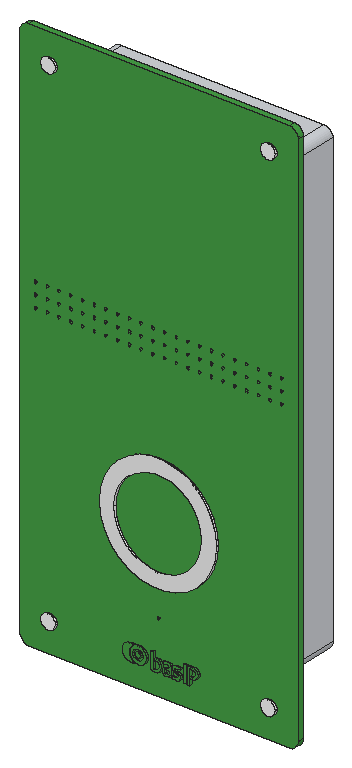
Revit family "BAS-IP_Вызывная панель_AV-04AFDI", category Устройства связи, Revit 2019
Family settings
  Сохранять ориентацию аннотаций = Нет
  Размер круглого соединителя = Использовать диаметр
  Тип детали = Нормальный
  На основе рабочей плоскости = Нет
  Всегда вертикально = Да
  При загрузке вырезать с полостями = Нет
  Общий = Нет
  Точка расчета площади = Нет
Parameters (values of type "Зеленый")
  Цветовое решение = "Зеленый"
  УГО_Смещение_Y [instance] = 0 mm
  УГО_Смещение_X [instance] = 0 mm
  Тип установки = "Скрытого монтажа"
  Тип панели = "Индивидуальная"
  Температурный режим = "-40 – +65 °С"
  Размер самой панели = "95 x 190 x 27 мм"
  Размер под установку = "85 × 180 × 45 мм"
  Потребление питания = "6,5 Вт, в режиме ожидания - 3,6 Вт"
  Питание = "IEEE 803.2af PoE, +12 В постоянного тока"
  Корпус = "Алюминий"
  Класс степени защиты = "IP65"
  Изготовитель = "BAS-IP"  # constant formula
  Зона обслуживания [instance] = no
  Дисплей = "Нет"
  IK-код = "IK08"
  ADSK_Размер_Смещение от уровня [instance] = 1000 mm
  ADSK_Примечание [instance] = ""
  ADSK_Позиция [instance] = ""
  ADSK_Наименование = "Индивидуальная панель с возможностью подключения индукционной петли"
  ADSK_Материал = Green silver
  ADSK_Марка = "AV-04AFDI Green"
  ADSK_Количество = 1  # constant formula
  ADSK_Код изделия = ""
  ADSK_Завод-изготовитель = "BAS-IP"  # constant formula
  ADSK_Единица измерения = "шт."  # constant formula
Types (3, lengths in mm): name | Цветовое решение | ADSK_Материал | ADSK_Марка
  Серебристый | "Серебристый" | Silver | "AV-04AFDI Silver"
  Красный | "Красный" | Red silver | "AV-04AFDI Red"
  Зеленый | "Зеленый" | Green silver | "AV-04AFDI Green"
Reference planes
  plane 1 "По центру (Вперед/Назад)": y = 0
  plane 2: z = 0
  plane 3 "По центру (Влево/Вправо)": x = 0
  plane 4: z = 1000
  plane 5: z = 0
  plane 6: y = 0
  plane 7: x = 0
Forms (mm)
  Extrusion 1, solid, material "Green silver" <- "ADSK_Материал", detail levels medium+fine
    sketch origin (0, 0, 1000) x (1, 0, 0) y (0, 0, 1)
      loop
        line (-44.5, 0) -> (44.5, 0)
        arc (44.5, 0) -> (46.621, 0.879) -> (47.5, 3) r 3
        line (47.5, 3) -> (47.5, 187)
        arc (47.5, 187) -> (46.621, 189.121) -> (44.5, 190) r 3
        line (44.5, 190) -> (-44.5, 190)
        arc (-44.5, 190) -> (-46.621, 189.121) -> (-47.5, 187) r 3
        line (-47.5, 187) -> (-47.5, 3)
        arc (-47.5, 3) -> (-46.621, 0.879) -> (-44.5, 0) r 3
    from 0 to 2
  Extrusion 2, solid, detail levels medium+fine
    sketch origin (0, 0, 1000) x (1, 0, 0) y (0, 0, 1)
      loop
        arc (-34.5, 175) -> (-36.621, 174.121) -> (-37.5, 172) r 3
        line (-37.5, 172) -> (-37.5, 18)
        arc (-37.5, 18) -> (-36.621, 15.879) -> (-34.5, 15) r 3
        line (-34.5, 15) -> (34.5, 15)
        arc (34.5, 15) -> (36.621, 15.879) -> (37.5, 18) r 3
        line (37.5, 18) -> (37.5, 172)
        arc (37.5, 172) -> (36.621, 174.121) -> (34.5, 175) r 3
        line (34.5, 175) -> (-34.5, 175)
    from -25 to 0
  Extrusion 3, void
    sketch origin (0, 0, 1006.875) x (1, 0, 0) y (0, 0, 1)
      loop
        circle (0, 17.16) r 0.5
    from 1 to 2
  Extrusion 4, void
    sketch origin (0, 0, 1001.562) x (1, 0, 0) y (0, 0, 1)
      loop
        circle (-2, 110.476) r 0.5
      loop
        circle (-6, 110.476) r 0.5
      loop
        circle (-10, 110.476) r 0.5
      loop
        circle (2, 110.476) r 0.5
      loop
        circle (6, 110.476) r 0.5
      loop
        circle (10, 110.476) r 0.5
      loop
        circle (-2, 106.476) r 0.5
      loop
        circle (-6, 106.476) r 0.5
      loop
        circle (-10, 106.476) r 0.5
      loop
        circle (2, 106.476) r 0.5
      loop
        circle (6, 106.476) r 0.5
      loop
        circle (10, 106.476) r 0.5
      loop
        circle (-2, 102.476) r 0.5
      loop
        circle (-6, 102.476) r 0.5
      loop
        circle (-10, 102.476) r 0.5
      loop
        circle (2, 102.476) r 0.5
      loop
        circle (6, 102.476) r 0.5
      loop
        circle (10, 102.476) r 0.5
    from 0 to 2
  Extrusion 5, void
    sketch origin (-23.971, 0, 1001.562) x (1, 0, 0) y (0, 0, 1)
      loop
        circle (-2, 110.476) r 0.5
      loop
        circle (-6, 110.476) r 0.5
      loop
        circle (-10, 110.476) r 0.5
      loop
        circle (2, 110.476) r 0.5
      loop
        circle (6, 110.476) r 0.5
      loop
        circle (10, 110.476) r 0.5
      loop
        circle (-2, 106.476) r 0.5
      loop
        circle (-6, 106.476) r 0.5
      loop
        circle (-10, 106.476) r 0.5
      loop
        circle (2, 106.476) r 0.5
      loop
        circle (6, 106.476) r 0.5
      loop
        circle (10, 106.476) r 0.5
      loop
        circle (-2, 102.476) r 0.5
      loop
        circle (-6, 102.476) r 0.5
      loop
        circle (-10, 102.476) r 0.5
      loop
        circle (2, 102.476) r 0.5
      loop
        circle (6, 102.476) r 0.5
      loop
        circle (10, 102.476) r 0.5
      loop
        circle (-14, 110.476) r 0.5
      loop
        circle (-14, 106.476) r 0.5
      loop
        circle (-14, 102.476) r 0.5
      loop
        circle (-18, 110.476) r 0.5
      loop
        circle (-18, 106.476) r 0.5
      loop
        circle (-18, 102.476) r 0.5
      loop
        circle (49.941, 110.476) r 0.5
      loop
        circle (53.941, 110.476) r 0.5
      loop
        circle (57.941, 110.476) r 0.5
      loop
        circle (45.941, 110.476) r 0.5
      loop
        circle (41.941, 110.476) r 0.5
      loop
        circle (37.941, 110.476) r 0.5
      loop
        circle (49.941, 106.476) r 0.5
      loop
        circle (53.941, 106.476) r 0.5
      loop
        circle (57.941, 106.476) r 0.5
      loop
        circle (45.941, 106.476) r 0.5
      loop
        circle (41.941, 106.476) r 0.5
      loop
        circle (37.941, 106.476) r 0.5
      loop
        circle (49.941, 102.476) r 0.5
      loop
        circle (53.941, 102.476) r 0.5
      loop
        circle (57.941, 102.476) r 0.5
      loop
        circle (45.941, 102.476) r 0.5
      loop
        circle (41.941, 102.476) r 0.5
      loop
        circle (37.941, 102.476) r 0.5
      loop
        circle (61.941, 110.476) r 0.5
      loop
        circle (61.941, 106.476) r 0.5
      loop
        circle (61.941, 102.476) r 0.5
      loop
        circle (65.941, 110.476) r 0.5
      loop
        circle (65.941, 106.476) r 0.5
      loop
        circle (65.941, 102.476) r 0.5
    from 1 to 2
  Extrusion 6, solid, material "White", detail levels fine
    sketch origin (0, 0.5, 1008.125) x (1, 0, 0) y (0, 0, 1)
      loop
        circle (0, 45.001) r 20
      loop
        circle (0, 45.001) r 15
    from 2 to 3
  Extrusion 7, solid, material "Gray silver", detail levels fine
    sketch origin (0, 0, 1000) x (1, 0, 0) y (0, 0, 1)
      loop
        circle (-37.5, 180) r 2.5
      loop
        circle (37.5, 180) r 2.5
      loop
        circle (-37.5, 10) r 2.5
      loop
        circle (37.5, 10) r 2.5
    from 0 to 2.5
  Extrusion 8, solid, material "Green silver" <- "ADSK_Материал", not visible, detail levels medium+fine
    sketch origin (0, 0, 0) x (1, 0, 0) y (0, 0, 1)
      loop
        line (-44.5, 0) -> (44.5, 0)
        arc (44.5, 0) -> (46.621, 0.879) -> (47.5, 3) r 3
        line (47.5, 3) -> (47.5, 187)
        arc (47.5, 187) -> (46.621, 189.121) -> (44.5, 190) r 3
        line (44.5, 190) -> (-44.5, 190)
        arc (-44.5, 190) -> (-46.621, 189.121) -> (-47.5, 187) r 3
        line (-47.5, 187) -> (-47.5, 3)
        arc (-47.5, 3) -> (-46.621, 0.879) -> (-44.5, 0) r 3
    from 0 to 2
  Extrusion 9, solid, not visible, detail levels medium+fine
    sketch origin (0, 0, 0) x (1, 0, 0) y (0, 0, 1)
      loop
        arc (-34.5, 175) -> (-36.621, 174.121) -> (-37.5, 172) r 3
        line (-37.5, 172) -> (-37.5, 18)
        arc (-37.5, 18) -> (-36.621, 15.879) -> (-34.5, 15) r 3
        line (-34.5, 15) -> (34.5, 15)
        arc (34.5, 15) -> (36.621, 15.879) -> (37.5, 18) r 3
        line (37.5, 18) -> (37.5, 172)
        arc (37.5, 172) -> (36.621, 174.121) -> (34.5, 175) r 3
        line (34.5, 175) -> (-34.5, 175)
    from -25 to 0
  Extrusion 10, void, not visible
    sketch origin (0, 0, 6.875) x (1, 0, 0) y (0, 0, 1)
      loop
        circle (0, 17.16) r 0.5
    from 1 to 2
  Extrusion 11, void, not visible
    sketch origin (0, 0, 1.563) x (1, 0, 0) y (0, 0, 1)
      loop
        circle (-2, 110.476) r 0.5
      loop
        circle (-6, 110.476) r 0.5
      loop
        circle (-10, 110.476) r 0.5
      loop
        circle (2, 110.476) r 0.5
      loop
        circle (6, 110.476) r 0.5
      loop
        circle (10, 110.476) r 0.5
      loop
        circle (-2, 106.476) r 0.5
      loop
        circle (-6, 106.476) r 0.5
      loop
        circle (-10, 106.476) r 0.5
      loop
        circle (2, 106.476) r 0.5
      loop
        circle (6, 106.476) r 0.5
      loop
        circle (10, 106.476) r 0.5
      loop
        circle (-2, 102.476) r 0.5
      loop
        circle (-6, 102.476) r 0.5
      loop
        circle (-10, 102.476) r 0.5
      loop
        circle (2, 102.476) r 0.5
      loop
        circle (6, 102.476) r 0.5
      loop
        circle (10, 102.476) r 0.5
    from 0 to 2
  Extrusion 12, void, not visible
    sketch origin (-23.971, 0, 1.563) x (1, 0, 0) y (0, 0, 1)
      loop
        circle (-2, 110.476) r 0.5
      loop
        circle (-6, 110.476) r 0.5
      loop
        circle (-10, 110.476) r 0.5
      loop
        circle (2, 110.476) r 0.5
      loop
        circle (6, 110.476) r 0.5
      loop
        circle (10, 110.476) r 0.5
      loop
        circle (-2, 106.476) r 0.5
      loop
        circle (-6, 106.476) r 0.5
      loop
        circle (-10, 106.476) r 0.5
      loop
        circle (2, 106.476) r 0.5
      loop
        circle (6, 106.476) r 0.5
      loop
        circle (10, 106.476) r 0.5
      loop
        circle (-2, 102.476) r 0.5
      loop
        circle (-6, 102.476) r 0.5
      loop
        circle (-10, 102.476) r 0.5
      loop
        circle (2, 102.476) r 0.5
      loop
        circle (6, 102.476) r 0.5
      loop
        circle (10, 102.476) r 0.5
      loop
        circle (-14, 110.476) r 0.5
      loop
        circle (-14, 106.476) r 0.5
      loop
        circle (-14, 102.476) r 0.5
      loop
        circle (-18, 110.476) r 0.5
      loop
        circle (-18, 106.476) r 0.5
      loop
        circle (-18, 102.476) r 0.5
      loop
        circle (49.941, 110.476) r 0.5
      loop
        circle (53.941, 110.476) r 0.5
      loop
        circle (57.941, 110.476) r 0.5
      loop
        circle (45.941, 110.476) r 0.5
      loop
        circle (41.941, 110.476) r 0.5
      loop
        circle (37.941, 110.476) r 0.5
      loop
        circle (49.941, 106.476) r 0.5
      loop
        circle (53.941, 106.476) r 0.5
      loop
        circle (57.941, 106.476) r 0.5
      loop
        circle (45.941, 106.476) r 0.5
      loop
        circle (41.941, 106.476) r 0.5
      loop
        circle (37.941, 106.476) r 0.5
      loop
        circle (49.941, 102.476) r 0.5
      loop
        circle (53.941, 102.476) r 0.5
      loop
        circle (57.941, 102.476) r 0.5
      loop
        circle (45.941, 102.476) r 0.5
      loop
        circle (41.941, 102.476) r 0.5
      loop
        circle (37.941, 102.476) r 0.5
      loop
        circle (61.941, 110.476) r 0.5
      loop
        circle (61.941, 106.476) r 0.5
      loop
        circle (61.941, 102.476) r 0.5
      loop
        circle (65.941, 110.476) r 0.5
      loop
        circle (65.941, 106.476) r 0.5
      loop
        circle (65.941, 102.476) r 0.5
    from 1 to 2
  Extrusion 13, solid, material "White", not visible, detail levels fine
    sketch origin (0, 0.5, 8.125) x (1, 0, 0) y (0, 0, 1)
      loop
        circle (0, 45.001) r 20
      loop
        circle (0, 45.001) r 15
    from 2 to 3
  Extrusion 14, solid, material "Gray silver", not visible, detail levels fine
    sketch origin (0, 0, 0) x (1, 0, 0) y (0, 0, 1)
      loop
        circle (-37.5, 180) r 2.5
      loop
        circle (37.5, 180) r 2.5
      loop
        circle (-37.5, 10) r 2.5
      loop
        circle (37.5, 10) r 2.5
    from 0 to 2.5
Cuts and joins
  Extrusion 3, Extrusion 4, Extrusion 5 cuts Extrusion 1
  Extrusion 3, Extrusion 4 cuts Extrusion 2
Dimensions and locks
  "ADSK_Размер_Смещение от уровня": plane 4 to plane 2
  "УГО_Смещение_X": plane 3 "По центру (Влево/Вправо)" to plane 7
  "УГО_Смещение_Y": plane 6 to plane 1 "По центру (Вперед/Назад)"
  aligned and locked: level to plane 2
  aligned and locked: nested 5 to plane 6
  aligned and locked: plane 7 to nested 5
Automatic sketch dimensions
  Extrusion 1 sketch curve to Extrusion 1 sketch curve = 3 mm  (x3)
  Extrusion 1 sketch curve to Extrusion 1 sketch curve = 184 mm
  Extrusion 2 sketch curve to Extrusion 2 sketch curve = 3 mm  (x4)
  Extrusion 2 sketch curve to Extrusion 2 sketch curve = 154 mm
  Extrusion 4 sketch curve to Extrusion 4 sketch curve = 0 mm  (x16)
  Extrusion 4 sketch curve to Extrusion 4 sketch curve = 4 mm  (x18)
  Extrusion 5 sketch curve to Extrusion 5 sketch curve = 0 mm  (x42)
  Extrusion 5 sketch curve to Extrusion 5 sketch curve = 4 mm  (x51)
  Extrusion 6 sketch curve to Extrusion 6 sketch curve = 0 mm  (x4)
  Extrusion 7 sketch curve to Extrusion 7 sketch curve = 170 mm
  Extrusion 7 sketch curve to Extrusion 7 sketch curve = 0 mm  (x3)
  Extrusion 1 sketch curve to Extrusion 1 sketch curve = 89 mm  (x2)
  Extrusion 2 sketch curve to Extrusion 2 sketch curve = 69 mm
  Extrusion 5 sketch curve to Extrusion 5 sketch curve = 27.941 mm
  Extrusion 7 sketch curve to Extrusion 7 sketch curve = 75 mm  (x2)
  Extrusion 8 sketch curve to Extrusion 8 sketch curve = 3 mm  (x3)
  Extrusion 8 sketch curve to Extrusion 8 sketch curve = 184 mm
  Extrusion 9 sketch curve to Extrusion 9 sketch curve = 3 mm  (x4)
  Extrusion 9 sketch curve to Extrusion 9 sketch curve = 154 mm
  Extrusion 11 sketch curve to Extrusion 11 sketch curve = 0 mm  (x16)
  Extrusion 11 sketch curve to Extrusion 11 sketch curve = 4 mm  (x18)
  Extrusion 12 sketch curve to Extrusion 12 sketch curve = 0 mm  (x42)
  Extrusion 12 sketch curve to Extrusion 12 sketch curve = 4 mm  (x51)
  Extrusion 13 sketch curve to Extrusion 13 sketch curve = 0 mm  (x4)
  Extrusion 14 sketch curve to Extrusion 14 sketch curve = 170 mm
  Extrusion 14 sketch curve to Extrusion 14 sketch curve = 0 mm  (x3)
  Extrusion 8 sketch curve to Extrusion 8 sketch curve = 89 mm  (x2)
  Extrusion 9 sketch curve to Extrusion 9 sketch curve = 69 mm
  Extrusion 12 sketch curve to Extrusion 12 sketch curve = 27.941 mm
  Extrusion 14 sketch curve to Extrusion 14 sketch curve = 75 mm  (x2)
  radius of Extrusion 3 sketch curve = 0.5 mm
  radius of Extrusion 4 sketch curve = 0.5 mm  (x18)
  radius of Extrusion 5 sketch curve = 0.5 mm  (x48)
  radius of Extrusion 6 sketch curve = 20 mm
  radius of Extrusion 6 sketch curve = 15 mm
  radius of Extrusion 7 sketch curve = 2.5 mm  (x4)
  radius of Extrusion 10 sketch curve = 0.5 mm
  radius of Extrusion 11 sketch curve = 0.5 mm  (x18)
  radius of Extrusion 12 sketch curve = 0.5 mm  (x48)
  radius of Extrusion 13 sketch curve = 20 mm
  radius of Extrusion 13 sketch curve = 15 mm
  radius of Extrusion 14 sketch curve = 2.5 mm  (x4)
Nested families
  nested 1: "BAS-IP_Logo_S" at (1.25, -1.5, 1007.412), Материал <- "ADSK_Материал", type "BAS-IP_Logo_S", detail levels fine
    with Материал Green silver
  nested 2: "Зона обслуживания" at (0, 0, 950), visible <- "Зона обслуживания", type "Зона обслуживания", detail levels fine
    with ADSK_Размер_Ширина 195 mm, ADSK_Размер_Высота 290 mm
  nested 3: "BAS-IP_Logo_S" at (1.25, -1.5, 7.412), Материал <- "ADSK_Материал", type "BAS-IP_Logo_S", not visible, detail levels fine
    with Материал Green silver
  nested 4: "Зона обслуживания" at (0, 0, -50), visible <- "Зона обслуживания", type "Зона обслуживания", not visible, detail levels fine
    with ADSK_Размер_Ширина 195 mm, ADSK_Размер_Высота 290 mm
  nested 5: "УГО_Вызывная панель" at (0, 0, 0), type "УГО_Вызывная панель", detail levels coarse+medium
Connectors
  electrical at (0, 12.5, 1015)
    settings: on cut or joined group of Extrusion 2, Extrusion 3, Extrusion 4, index 1, voltage 0 V, apparent load 0 VA, apparent load phase1 0 VA, apparent load phase2 0 VA, apparent load phase3 0 VA, power factor 1, load classification "Прочее", number of poles 1, system type 12, power factor state 1, is connector primary yes, connector utility no, sub classification motor no, connector description ""
Definition of nested family "BAS-IP_Logo_S"
  Parameters (values of type "BAS-IP_Logo_S")
    Материал [instance] = none
  Reference planes
    plane 1 "По центру (Вперед/Назад)": y = 0
    plane 2: z = 0
    plane 3 "По центру (Влево/Вправо)": x = 0
  Forms (mm)
    Extrusion 1, solid, material <- "Материал"
      sketch origin (-6.577, 0, -7.331) x (1, 0, 0) y (0, 0, 1)
        loop
          circle (-1.452, 10.426) r 2.917
        loop
          circle (-1.452, 10.426) r 1.823
        loop
          circle (-1.452, 10.426) r 0.907
        loop
          line (2.897, 13.369) -> (2.897, 7.626)
          arc (2.897, 7.626) -> (4.378, 7.331) -> (5.829, 7.75) r 3.194
          arc (5.829, 7.75) -> (6.556, 9.353) -> (6.13, 11.061) r 2.674
          arc (6.13, 11.061) -> (4.872, 11.67) -> (3.741, 10.847) r 1.36
          line (3.741, 10.847) -> (3.741, 13.369) -> (2.897, 13.369)
        loop
          line (9.211, 9.975) -> (7.991, 9.975)
          arc (7.991, 9.975) -> (6.849, 8.828) -> (7.615, 7.403) r 1.358
          line (7.615, 7.403) -> (9.943, 7.403)
          spline (9.943, 7.403) -> (10.042, 8.877) -> (10.055, 9.915) -> (9.997, 10.601) -> (9.886, 11.019) -> (9.737, 11.256) -> (9.568, 11.394) -> (9.385, 11.5) -> (9.169, 11.588) -> (8.896, 11.659) -> (8.521, 11.71) -> (7.969, 11.725) -> (7.158, 11.687)
          line (7.158, 11.687) -> (7.158, 10.887) -> (8.571, 10.887)
          arc (8.571, 10.887) -> (9.157, 10.617) -> (9.211, 9.975) r 0.64
        loop
          line (9.25, 9.484) -> (8.048, 9.484)
          arc (8.048, 9.484) -> (7.606, 8.736) -> (8.048, 7.988) r 0.854
          line (8.048, 7.988) -> (9.25, 7.988) -> (9.25, 9.484)
        loop
          line (3.741, 10.21) -> (3.741, 7.988)
          spline (3.741, 7.988) -> (4.72, 8.077) -> (5.267, 8.31) -> (5.573, 8.641) -> (5.734, 9.045) -> (5.806, 9.508) -> (5.807, 9.99) -> (5.705, 10.408) -> (5.485, 10.703) -> (5.195, 10.895) -> (4.844, 10.985) -> (4.33, 10.884) -> (3.741, 10.21)
        loop
          spline (13.018, 11.649) -> (11.419, 11.695) -> (10.875, 11.521) -> (10.489, 11.179) -> (10.305, 10.688) -> (10.406, 10.198) -> (10.752, 9.835) -> (11.372, 9.476) -> (12.029, 9.086) -> (12.384, 8.702) -> (12.37, 8.376) -> (11.859, 8.127) -> (10.354, 8.165)
          line (10.354, 8.165) -> (10.284, 7.368)
          spline (10.284, 7.368) -> (11.866, 7.357) -> (12.634, 7.611) -> (13.056, 8.054) -> (13.185, 8.589) -> (13.044, 9.098) -> (12.719, 9.467) -> (12.225, 9.735) -> (11.625, 10.002) -> (11.161, 10.338) -> (11.097, 10.694) -> (11.676, 10.917) -> (12.949, 10.853)
          line (12.949, 10.853) -> (13.018, 11.649)
        loop
          line (14.214, 13.23) -> (14.214, 7.403) -> (15.003, 7.403) -> (15.003, 13.23) -> (14.214, 13.23)
        loop
          line (15.425, 13.23) -> (15.425, 7.403) -> (16.26, 7.403) -> (16.26, 9.541) -> (17.223, 9.541)
          arc (17.223, 9.541) -> (19.068, 11.385) -> (17.223, 13.23) r 1.844
          line (17.223, 13.23) -> (15.425, 13.23)
        loop
          line (16.26, 10.169) -> (17.186, 10.169)
          arc (17.186, 10.169) -> (18.222, 11.249) -> (17.419, 12.511) r 1.211
          line (17.419, 12.511) -> (16.26, 12.511) -> (16.26, 10.169)
      from 0 to 1
    Extrusion 2, solid, material <- "Материал"
      sketch origin (-0.313, 0, -1.028) x (1, 0, 0) y (0, 0, 1)
        loop
          arc (-8.967, 6.758) -> (-13.134, 4.123) -> (-8.967, 1.487) r 2.917
          arc (-8.967, 1.487) -> (-10.634, 4.123) -> (-8.967, 6.758) r 2.917
      from 0 to 1
  Dimensions and locks
    aligned and locked: level to plane 2
Definition of nested family "Зона обслуживания"
  Parameters (values of type "Семейство1")
    Зона обслуживания = none
    ADSK_Размер_Ширина = 200 mm
    ADSK_Размер_Глубина = 120 mm
    ADSK_Размер_Высота = 250 mm
  Reference planes
    plane 1 "По центру (Вперед/Назад)": y = 0
    plane 2: z = 0
    plane 3 "По центру (Влево/Вправо)": x = 0
  Forms (mm)
    Extrusion 1, solid, material <- "Зона обслуживания"
      sketch origin (0, 0, 0) x (1, 0, 0) y (0, 1, 0)
        loop
          line (-100, 0) -> (-100, -120) -> (100, -120) -> (100, 0) -> (-100, 0)
      from 0 to 250 <- "ADSK_Размер_Высота"
  Dimensions and locks
    "ADSK_Размер_Глубина": Extrusion 1 sketch curve to plane 1 "По центру (Вперед/Назад)"
    equal spacing: Extrusion 1 sketch curve, plane 3 "По центру (Влево/Вправо)", Extrusion 1 sketch curve
    "ADSK_Размер_Ширина": Extrusion 1 sketch curve to Extrusion 1 sketch curve
    aligned and locked: level to plane 2
  Automatic sketch dimensions
    plane 1 "По центру (Вперед/Назад)" to Extrusion 1 sketch curve = 0 mm
Definition of nested family "УГО_Вызывная панель"
  Reference planes
    plane 1: y = 0
    plane 2: x = 0
  Lines and regions (mm)
    detail lines
      curve 1: line (-2, 0, 0) -> (2, 0, 0)
      curve 2: line (-2.5, -6.5, 0) -> (-2.5, -0.5, 0)
      curve 3: line (2, -7, 0) -> (-2, -7, 0)
      curve 4: line (2.5, -0.5, 0) -> (2.5, -6.5, 0)
      curve 5: arc (2, 0, 0) -> (2.354, -0.146, 0) -> (2.5, -0.5, 0) r 0.5
      curve 6: arc (-2.5, -0.5, 0) -> (-2.354, -0.146, 0) -> (-2, 0, 0) r 0.5
      curve 7: arc (-2, -7, 0) -> (-2.354, -6.854, 0) -> (-2.5, -6.5, 0) r 0.5
      curve 8: arc (2.5, -6.5, 0) -> (2.354, -6.854, 0) -> (2, -7, 0) r 0.5
      curve 9: line (-1.5, -3.39, 0) -> (1.5, -3.39, 0)
      curve 10: line (-1.5, -5.79, 0) -> (-1.5, -3.39, 0)
      curve 11: line (1.5, -5.19, 0) -> (-1.5, -5.19, 0)
      curve 12: line (1.5, -3.39, 0) -> (1.5, -5.79, 0)
      curve 13: circle (0, -1.5, 0) r 0.6 normal (0, 0, 1)
      curve 14: line (-1.5, -3.99, 0) -> (1.5, -3.99, 0)
      curve 15: line (-1.5, -4.59, 0) -> (1.5, -4.59, 0)
      curve 16: line (-0.5, -5.79, 0) -> (-0.5, -3.39, 0)
      curve 17: line (0.5, -5.79, 0) -> (0.5, -3.39, 0)
      curve 18: line (1.5, -5.79, 0) -> (-1.5, -5.79, 0)
